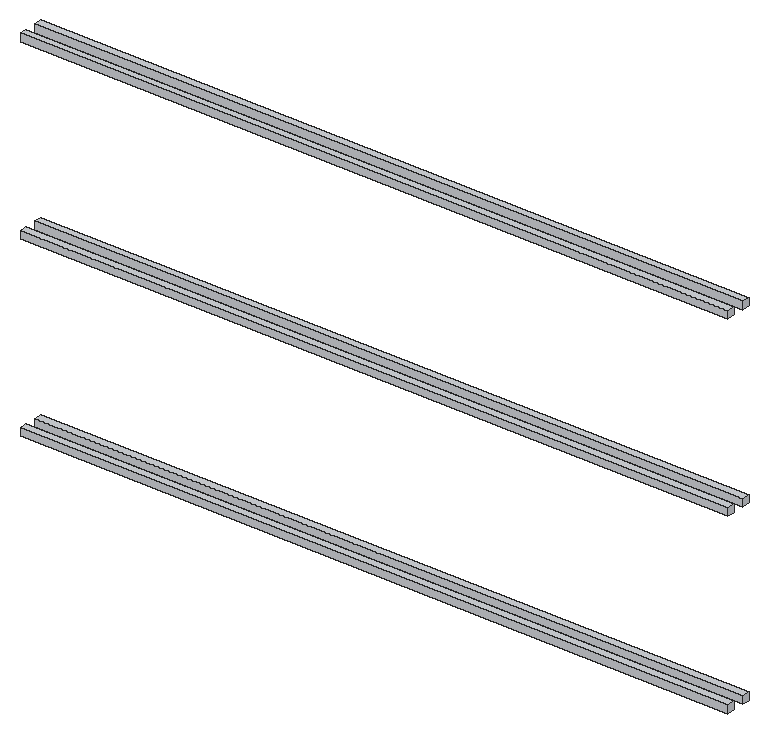
Revit family "M_Padrão do montante_1x4", category Modelos genéricos, Revit 2019
Family settings
  Pode hospedar o vergalhão = Não
  Cota do conector redondo = Utilizar diâmetro
  Tipo de parte = Normal
  Com base no plano de trabalho = Não
  Sempre na vertical = Sim
  Corte com vazios quando carregada = Não
  Compartilhado = Sim
  Ponto de cálculo do ambiente = Não
Parameters
  Largura [instance] = 1200 mm
  Espessura = 12.7 mm
  Altura [instance] = 1200 mm
  Material interior [instance] = none
  Material externo [instance] = none
  Distância = 19.05 mm
Reference planes
  plane 1 "Centro (Frente/Trás)": y = 0
  plane 2: z = 0
  plane 3 "Centro (Esquerda/Direita)": x = 0
  plane 4: z = 1200
  plane 5: x = -600
  plane 6: x = 600
  plane 7: z = 600
  plane 8 "a": y = 9.525
  plane 9 "b": y = -9.525
  plane 10: z = 900
  plane 11: z = 300
  plane 12: y = 22.225
  plane 13: y = -22.225
  plane 14: z = 906.35
  plane 15: z = 893.65
  plane 16: z = 606.35
  plane 17: z = 593.65
  plane 18: z = 306.35
  plane 19: z = 293.65
Forms (mm)
  Extrusion 1, solid, material <- "Material externo", detail levels fine
    sketch origin (0, 9.525, 0) x (-1, 0, 0) y (0, 0, 1)
      loop
        line (600, 906.35) -> (-600, 906.35) -> (-600, 893.65) -> (600, 893.65) -> (600, 906.35)
      loop
        line (600, 606.35) -> (-600, 606.35) -> (-600, 593.65) -> (600, 593.65) -> (600, 606.35)
      loop
        line (600, 306.35) -> (-600, 306.35) -> (-600, 293.65) -> (600, 293.65) -> (600, 306.35)
    from 0 to 12.7
  Extrusion 2, solid, material <- "Material interior", detail levels fine
    sketch origin (0, -9.525, 0) x (-1, 0, 0) y (0, 0, 1)
      loop
        line (600, 906.35) -> (-600, 906.35) -> (-600, 893.65) -> (600, 893.65) -> (600, 906.35)
      loop
        line (600, 606.35) -> (-600, 606.35) -> (-600, 593.65) -> (600, 593.65) -> (600, 606.35)
      loop
        line (600, 306.35) -> (-600, 306.35) -> (-600, 293.65) -> (600, 293.65) -> (600, 306.35)
    from -12.7 to 0
Lines and regions (mm)
  model lines, detail levels medium
    curve 1: line (-600, -9.525, 900) -> (600, -9.525, 900)
    curve 2: line (-600, 9.525, 600) -> (600, 9.525, 600)
    curve 3: line (-600, 9.525, 300) -> (600, 9.525, 300)
    curve 4: line (-600, -9.525, 600) -> (600, -9.525, 600)
    curve 5: line (-600, -9.525, 300) -> (600, -9.525, 300)
    curve 6: line (-600, 9.525, 900) -> (600, 9.525, 900)
Dimensions and locks
  equal spacing: plane 6, plane 3 "Centro (Esquerda/Direita)", plane 5
  "Largura": plane 6 to plane 5
  "Altura": plane 4 to plane 2
  equal spacing: plane 4, plane 7, plane 2
  equal spacing: plane 8 "a", plane 1 "Centro (Frente/Trás)", plane 9 "b"
  "Distância": plane 8 "a" to plane 9 "b"
  Extrusion 1 sketch curve to curve 1 to Extrusion 1 sketch curve = 6.35 mm locked, 6.35 mm locked
  equal spacing: Extrusion 1 sketch curve, plane 7, Extrusion 1 sketch curve, locked at 6.35 each
  Extrusion 1 sketch curve to curve 3 to Extrusion 1 sketch curve = 6.35 mm locked, 6.35 mm locked
  equal spacing: plane 4, plane 10, plane 7
  equal spacing: plane 7, plane 11, level
  "Espessura": plane 12 to plane 8 "a"
  "Espessura": plane 9 "b" to plane 13
  "Espessura": plane 14 to plane 15
  equal spacing: plane 14, plane 10, plane 15
  equal spacing: plane 17, plane 7, plane 16
  "Espessura": plane 17 to plane 16
  equal spacing: plane 18, plane 11, plane 19
  "Espessura": plane 18 to plane 19
  aligned and locked: plane 2 to level
  aligned and locked: Extrusion 1 sketch curve to plane 5  (x3)
  aligned and locked: Extrusion 1 sketch curve to plane 6  (x3)
  aligned and locked: plane 5 to curve 1
  aligned and locked: plane 5 to curve 2
  aligned and locked: plane 5 to curve 3
  aligned and locked: plane 6 to curve 3
  aligned and locked: plane 6 to curve 2
  aligned and locked: plane 6 to curve 1
  aligned and locked: curve 1 to plane 10
  aligned and locked: plane 11 to curve 3
  aligned and locked: curve 2 to plane 7
  aligned and locked: plane 12 to Extrusion 1
  aligned and locked: Extrusion 1 to plane 8 "a"
  aligned and locked: Extrusion 2 sketch curve to Extrusion 1  (x12)
  aligned and locked: Extrusion 2 to plane 13
  aligned and locked: plane 9 "b" to Extrusion 2
  aligned and locked: curve 4 to plane 7
  aligned and locked: plane 6 to curve 4
  aligned and locked: plane 5 to curve 4
  aligned and locked: plane 11 to curve 5
  aligned and locked: plane 6 to curve 5
  aligned and locked: plane 5 to curve 5
  aligned and locked: plane 6 to curve 6
  aligned and locked: curve 6 to plane 10
  aligned and locked: plane 5 to curve 6
Automatic sketch dimensions
  Extrusion 1 sketch curve to plane 7 = 6.35 mm
